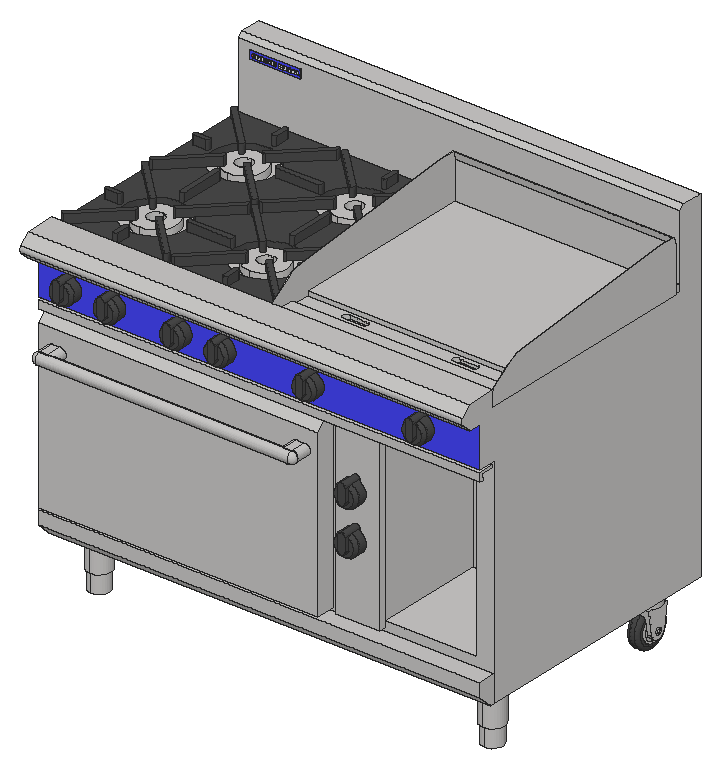
Revit family "QF_MOFFAT_BLUESEAL_CE_GE508B", category Specialty Equipment, Revit 2012
Parameters
  Width = 1200 mm
  Weight in Pounds = 485
  Watts = 6200 W
  Volts = 400 V
  URL Cutsheet = "www.moffat.com"
  URL = "www.moffat.com"
  Type Mark [instance] = ""
  Status [instance] = ""
  Specification by User [instance] = ""
  Specification by Manufacturer = ""
  Show Logo [instance] = yes
  Show Clearance [instance] = yes
  Show Casters [instance] = yes
  Serial Number = ""
  Seismic Rating = ""
  SMACNA No = ""
  Revision Code [instance] = ""
  Phase = 3
  Omniclass Number and Title = ""
  Number of Poles [instance] = 1
  NAFEM Spec ID Number = ""
  Model = "GE508B"
  Min Ckt Ampacity = 0 A
  Mechanical Remarks = ""
  Mechanical Connection Type [instance] = ""
  Max Overcurrent Protection = 0 A
  Masterspec = ""
  Manufacturer = "MOFFAT BLUESEAL"
  Legs [instance] = not(Show Casters)  # no
  Item Number [instance] = ""
  Installed By [instance] = ""
  Identify Quantity as Lot [instance] = yes
  Height = 970 mm
  HP = ""
  Gas Size = 3/4"
  Gas RI Height [instance] = 0 mm
  Gas KW [instance] = 42.2
  Gas Input [instance] = 144068.0 Btu/h
  Gas Connection Height = 0 mm
  Furnished By [instance] = ""
  Foodservice Equipment Identifier [instance] = yes
  FL Amps = 9.4 A
  Electrical Remarks = "9.4A PER PHASE"
  Electric Connection Type = ""
  Elec Conn RI Height = 0 mm
  Elec Conn Connection Height = 0 mm
  Description = "1200MM GAS RANGE WITH ELECTRIC STATIC OVEN"
  Depth = 812 mm
  Cycle = 50 Hz
  Conn Plug = ""
  Conn Conduit = yes
  CSI MasterFormat = ""
  CSI Master Format = ""
  Body Finish = QF_Finishes_Stainless Steel
  Apparent Power = 0 VA
Reference planes
  plane 1 "BACK": y = 0
  plane 2: z = 0
  plane 3 "LEFT": x = 0
  plane 4 "RIGHT": x = 1200
  plane 5 "FRONT": y = -812
  plane 6 "TOP": z = 970
  plane 7 "Center Y": x = 600
  plane 8 "Center X": y = -406
  plane 9: x = 280
  plane 10: y = -574.272
  plane 11: x = 60
  plane 12: y = -304.972
  plane 13: y = -364.972
  plane 14: x = 74
  plane 15: y = -812
  plane 16: x = 1134.5
  plane 17: y = -32
  plane 18: z = 655
  plane 19: x = 65.5
  plane 20: x = 65.8
  plane 21: z = 1085
  plane 22: y = -705
Forms (mm)
  Extrusion 1, solid, material "QF_Finishes_Stainless Steel" <- "Body Finish"
    sketch origin (0, 0, 0) x (0, 1, 0) y (0, 0, 1)
      loop
        line (0, 150) -> (0, 1085) -> (-57.5, 1085) -> (-70, 1072.5) -> (-70, 875) -> (-705, 875) -> (-705, 915) -> (-783.97, 915) -> (-808.49, 890.48)
        arc (-808.49, 890.48) -> (-812.002, 882) -> (-808.49, 873.52) r 11.993
        line (-808.49, 873.52) -> (-784.97, 850) -> (-749, 850) -> (-749, 740) -> (-699, 740) -> (-699, 150) -> (0, 150)
      loop
        line (-749, 222.5) -> (-749, 186) -> (-713.071, 150.071) -> (-703.2, 150.071) -> (-703.2, 222.5) -> (-749, 222.5)
      loop
        line (-749, 710) -> (-740.224, 710) -> (-742.613, 726.999) -> (-707.93, 726.999) -> (-707.93, 734.003) -> (-749, 734.003) -> (-749, 710)
    from 0 to 1200
  Extrusion 2, solid, material "QF_Finishes_Stainless Steel"
    sketch origin (0, 7, 0) x (0, 1, 0) y (0, 0, 1)
      loop
        line (-706, 700) -> (-732, 700) -> (-756, 676) -> (-756, 227.5) -> (-706, 227.5) -> (-706, 700)
    from 0 to 760
  Extrusion 3, solid, material "QF_Finishes_Stainless Steel"
    sketch origin (723.5, 7, 0) x (0, 1, 0) y (0, 0, 1)
      loop
        line (-706, 700) -> (-721, 700) -> (-721, 227.5) -> (-706, 227.5) -> (-706, 700)
    from 56.898 to 176.5
  Revolve 4, solid, material "QF_Finishes_Stainless Steel" <- "Body Finish"
    sketch origin (1134.5, -696.126, 0) x (0, 1, 0) y (0, 0, -1)
      loop
        line (39.376, -150) -> (71.126, -150) -> (71.126, 0) -> (43.626, 0) -> (43.626, -50) -> (39.376, -50) -> (39.376, -150)
      axis (71.126, -150) -> (71.126, 0)
    angle from 0 to 360
  Revolve 5, solid, material "QF_Finishes_Stainless Steel" <- "Body Finish"
    sketch origin (65.5, -696.126, 0) x (0, 1, 0) y (0, 0, 1)
      loop
        line (39.376, 150) -> (39.376, 50) -> (43.626, 50) -> (43.626, 0) -> (71.126, 0) -> (71.126, 150) -> (39.376, 150)
      axis (71.126, 150) -> (71.126, 0)
    angle from 0 to 360
  Extrusion 6, solid, material "QF_Finishes_Stainless Steel"
    sketch origin (-64.5, 0, 325) x (1, 0, 0) y (0, 1, 0)
      loop
        circle (1134.5, -32) r 10
    from 330 to 374.856
  Extrusion 7, void
    sketch origin (0, -703.73, 150) x (0, 0, -1) y (-1, 0, 0)
      loop
        line (-526, -900) -> (-526, -1150) -> (-96, -1150) -> (-96, -900) -> (-526, -900)
    from 0 to 304.8
  Extrusion 8, solid, material "QF_Finishes_Black"
    sketch origin (0, -70, 875) x (0, -1, 0) y (1, 0, 0)
      loop
        arc (1, 4) -> (1.879, 1.879) -> (4, 1) r 3
        line (4, 1) -> (632, 1)
        arc (632, 1) -> (634.121, 1.879) -> (635, 4) r 3
        line (635, 4) -> (635, 597)
        arc (635, 597) -> (634.121, 599.121) -> (632, 600) r 3
        line (632, 600) -> (4, 600)
        arc (4, 600) -> (1.879, 599.121) -> (1, 597) r 3
        line (1, 597) -> (1, 4)
      loop
        circle (167.5, 150) r 85
      loop
        circle (167.5, 450) r 85
      loop
        circle (467.768, 150) r 85
      loop
        circle (467.768, 450) r 85
    from 0 to 19.5
  Extrusion 9, solid, material "QF_Finishes_Black"
    sketch origin (0, -70, 894.5) x (0, -1, 0) y (1, 0, 0)
      loop
        spline (327.102, 15.153) -> (326.181, 13.924) -> (325.631, 12.47) -> (325.49, 10.89) -> (325.767, 9.292) -> (326.443, 7.786) -> (327.473, 6.473) -> (328.786, 5.443) -> (330.292, 4.767) -> (331.89, 4.49) -> (333.47, 4.631) -> (334.924, 5.181) -> (336.153, 6.102)
        line (336.153, 6.102) -> (444.076, 114.025)
        spline (444.076, 114.025) -> (444.837, 115.095) -> (445.238, 116.399) -> (445.251, 117.851) -> (444.875, 119.35) -> (444.137, 120.795) -> (443.086, 122.086) -> (441.795, 123.137) -> (440.35, 123.875) -> (438.851, 124.251) -> (437.399, 124.238) -> (436.095, 123.837) -> (435.025, 123.076)
        line (435.025, 123.076) -> (327.102, 15.153)
      loop
        line (611.398, 15.153) -> (503.475, 123.076)
        spline (503.475, 123.076) -> (502.405, 123.837) -> (501.101, 124.238) -> (499.649, 124.251) -> (498.15, 123.875) -> (496.705, 123.137) -> (495.414, 122.086) -> (494.363, 120.795) -> (493.625, 119.35) -> (493.249, 117.851) -> (493.262, 116.399) -> (493.663, 115.095) -> (494.424, 114.025)
        line (494.424, 114.025) -> (602.347, 6.102)
        spline (602.347, 6.102) -> (603.416, 5.341) -> (604.721, 4.941) -> (606.172, 4.928) -> (607.671, 5.303) -> (609.116, 6.041) -> (610.408, 7.092) -> (611.459, 8.384) -> (612.197, 9.829) -> (612.572, 11.328) -> (612.559, 12.779) -> (612.159, 14.084) -> (611.398, 15.153)
      loop
        spline (379.102, 143.6) -> (380.396, 143.818) -> (381.602, 144.457) -> (382.638, 145.475) -> (383.432, 146.8) -> (383.932, 148.344) -> (384.102, 150) -> (383.932, 151.656) -> (383.432, 153.2) -> (382.638, 154.525) -> (381.602, 155.543) -> (380.396, 156.182) -> (379.102, 156.4)
        line (379.102, 156.4) -> (259.398, 156.4)
        spline (259.398, 156.4) -> (258.104, 156.182) -> (256.898, 155.543) -> (255.862, 154.525) -> (255.068, 153.2) -> (254.568, 151.656) -> (254.398, 150) -> (254.568, 148.344) -> (255.068, 146.8) -> (255.862, 145.475) -> (256.898, 144.457) -> (258.104, 143.818) -> (259.398, 143.6)
        line (259.398, 143.6) -> (379.102, 143.6)
      loop
        spline (23.602, 15.153) -> (22.681, 13.924) -> (22.131, 12.47) -> (21.99, 10.89) -> (22.267, 9.292) -> (22.943, 7.786) -> (23.973, 6.473) -> (25.286, 5.443) -> (26.792, 4.767) -> (28.39, 4.49) -> (29.97, 4.631) -> (31.424, 5.181) -> (32.653, 6.102)
        line (32.653, 6.102) -> (140.576, 114.025)
        spline (140.576, 114.025) -> (141.337, 115.095) -> (141.738, 116.399) -> (141.751, 117.851) -> (141.375, 119.35) -> (140.637, 120.795) -> (139.586, 122.086) -> (138.295, 123.137) -> (136.85, 123.875) -> (135.351, 124.251) -> (133.899, 124.238) -> (132.595, 123.837) -> (131.525, 123.076)
        line (131.525, 123.076) -> (23.602, 15.153)
      loop
        line (311.398, 15.153) -> (203.475, 123.076)
        spline (203.475, 123.076) -> (202.405, 123.837) -> (201.101, 124.238) -> (199.649, 124.251) -> (198.15, 123.875) -> (196.705, 123.137) -> (195.414, 122.086) -> (194.363, 120.795) -> (193.625, 119.35) -> (193.249, 117.851) -> (193.262, 116.399) -> (193.663, 115.095) -> (194.424, 114.025)
        line (194.424, 114.025) -> (302.347, 6.102)
        spline (302.347, 6.102) -> (303.416, 5.341) -> (304.721, 4.941) -> (306.172, 4.928) -> (307.671, 5.303) -> (309.116, 6.041) -> (310.408, 7.092) -> (311.459, 8.384) -> (312.197, 9.829) -> (312.572, 11.328) -> (312.559, 12.779) -> (312.159, 14.084) -> (311.398, 15.153)
      loop
        line (327.102, 284.847) -> (435.025, 176.924)
        spline (435.025, 176.924) -> (436.095, 176.163) -> (437.399, 175.762) -> (438.851, 175.749) -> (440.35, 176.125) -> (441.795, 176.863) -> (443.086, 177.914) -> (444.137, 179.205) -> (444.875, 180.65) -> (445.251, 182.149) -> (445.238, 183.601) -> (444.837, 184.905) -> (444.076, 185.975)
        line (444.076, 185.975) -> (336.153, 293.898)
        spline (336.153, 293.898) -> (334.924, 294.819) -> (333.47, 295.369) -> (331.89, 295.51) -> (330.292, 295.233) -> (328.786, 294.557) -> (327.473, 293.527) -> (326.443, 292.214) -> (325.767, 290.708) -> (325.49, 289.11) -> (325.631, 287.53) -> (326.181, 286.076) -> (327.102, 284.847)
      loop
        spline (611.398, 284.847) -> (612.159, 285.916) -> (612.559, 287.221) -> (612.572, 288.672) -> (612.197, 290.171) -> (611.459, 291.616) -> (610.408, 292.908) -> (609.116, 293.959) -> (607.671, 294.697) -> (606.172, 295.072) -> (604.721, 295.059) -> (603.416, 294.659) -> (602.347, 293.898)
        line (602.347, 293.898) -> (494.424, 185.975)
        spline (494.424, 185.975) -> (493.663, 184.905) -> (493.262, 183.601) -> (493.249, 182.149) -> (493.625, 180.65) -> (494.363, 179.205) -> (495.414, 177.914) -> (496.705, 176.863) -> (498.15, 176.125) -> (499.649, 175.749) -> (501.101, 175.762) -> (502.405, 176.163) -> (503.475, 176.924)
        line (503.475, 176.924) -> (611.398, 284.847)
      loop
        spline (461.1, 241.898) -> (461.318, 240.604) -> (461.957, 239.398) -> (462.975, 238.362) -> (464.3, 237.568) -> (465.844, 237.068) -> (467.5, 236.898) -> (469.156, 237.068) -> (470.7, 237.568) -> (472.025, 238.362) -> (473.043, 239.398) -> (473.682, 240.604) -> (473.9, 241.898)
        line (473.9, 241.898) -> (473.9, 358.102)
        spline (473.9, 358.102) -> (473.682, 359.396) -> (473.043, 360.602) -> (472.025, 361.638) -> (470.7, 362.432) -> (469.156, 362.932) -> (467.5, 363.102) -> (465.844, 362.932) -> (464.3, 362.432) -> (462.975, 361.638) -> (461.957, 360.602) -> (461.318, 359.396) -> (461.1, 358.102)
        line (461.1, 358.102) -> (461.1, 241.898)
      loop
        line (23.602, 284.847) -> (131.525, 176.924)
        spline (131.525, 176.924) -> (132.595, 176.163) -> (133.899, 175.762) -> (135.351, 175.749) -> (136.85, 176.125) -> (138.295, 176.863) -> (139.586, 177.914) -> (140.637, 179.205) -> (141.375, 180.65) -> (141.751, 182.149) -> (141.738, 183.601) -> (141.337, 184.905) -> (140.576, 185.975)
        line (140.576, 185.975) -> (32.653, 293.898)
        spline (32.653, 293.898) -> (31.424, 294.819) -> (29.97, 295.369) -> (28.39, 295.51) -> (26.792, 295.233) -> (25.286, 294.557) -> (23.973, 293.527) -> (22.943, 292.214) -> (22.267, 290.708) -> (21.99, 289.11) -> (22.131, 287.53) -> (22.681, 286.076) -> (23.602, 284.847)
      loop
        spline (311.398, 284.847) -> (312.159, 285.916) -> (312.559, 287.221) -> (312.572, 288.672) -> (312.197, 290.171) -> (311.459, 291.616) -> (310.408, 292.908) -> (309.116, 293.959) -> (307.671, 294.697) -> (306.172, 295.072) -> (304.721, 295.059) -> (303.416, 294.659) -> (302.347, 293.898)
        line (302.347, 293.898) -> (194.424, 185.975)
        spline (194.424, 185.975) -> (193.663, 184.905) -> (193.262, 183.601) -> (193.249, 182.149) -> (193.625, 180.65) -> (194.363, 179.205) -> (195.414, 177.914) -> (196.705, 176.863) -> (198.15, 176.125) -> (199.649, 175.749) -> (201.101, 175.762) -> (202.405, 176.163) -> (203.475, 176.924)
        line (203.475, 176.924) -> (311.398, 284.847)
      loop
        spline (161.1, 241.898) -> (161.318, 240.604) -> (161.957, 239.398) -> (162.975, 238.362) -> (164.3, 237.568) -> (165.844, 237.068) -> (167.5, 236.898) -> (169.156, 237.068) -> (170.7, 237.568) -> (172.025, 238.362) -> (173.043, 239.398) -> (173.682, 240.604) -> (173.9, 241.898)
        line (173.9, 241.898) -> (173.9, 358.102)
        spline (173.9, 358.102) -> (173.682, 359.396) -> (173.043, 360.602) -> (172.025, 361.638) -> (170.7, 362.432) -> (169.156, 362.932) -> (167.5, 363.102) -> (165.844, 362.932) -> (164.3, 362.432) -> (162.975, 361.638) -> (161.957, 360.602) -> (161.318, 359.396) -> (161.1, 358.102)
        line (161.1, 358.102) -> (161.1, 241.898)
      loop
        line (379.102, 456.4) -> (259.398, 456.4)
        spline (259.398, 456.4) -> (258.104, 456.182) -> (256.898, 455.543) -> (255.862, 454.525) -> (255.068, 453.2) -> (254.568, 451.656) -> (254.398, 450) -> (254.568, 448.344) -> (255.068, 446.8) -> (255.862, 445.475) -> (256.898, 444.457) -> (258.104, 443.818) -> (259.398, 443.6)
        line (259.398, 443.6) -> (379.102, 443.6)
        spline (379.102, 443.6) -> (380.396, 443.818) -> (381.602, 444.457) -> (382.638, 445.475) -> (383.432, 446.8) -> (383.932, 448.344) -> (384.102, 450) -> (383.932, 451.656) -> (383.432, 453.2) -> (382.638, 454.525) -> (381.602, 455.543) -> (380.396, 456.182) -> (379.102, 456.4)
      loop
        spline (327.102, 315.153) -> (326.181, 313.924) -> (325.631, 312.47) -> (325.49, 310.89) -> (325.767, 309.292) -> (326.443, 307.786) -> (327.473, 306.473) -> (328.786, 305.443) -> (330.292, 304.767) -> (331.89, 304.49) -> (333.47, 304.631) -> (334.924, 305.181) -> (336.153, 306.102)
        line (336.153, 306.102) -> (444.076, 414.025)
        spline (444.076, 414.025) -> (444.837, 415.095) -> (445.238, 416.399) -> (445.251, 417.851) -> (444.875, 419.35) -> (444.137, 420.795) -> (443.086, 422.086) -> (441.795, 423.137) -> (440.35, 423.875) -> (438.851, 424.251) -> (437.399, 424.238) -> (436.095, 423.837) -> (435.025, 423.076)
        line (435.025, 423.076) -> (327.102, 315.153)
      loop
        line (611.398, 315.153) -> (503.475, 423.076)
        spline (503.475, 423.076) -> (502.405, 423.837) -> (501.101, 424.238) -> (499.649, 424.251) -> (498.15, 423.875) -> (496.705, 423.137) -> (495.414, 422.086) -> (494.363, 420.795) -> (493.625, 419.35) -> (493.249, 417.851) -> (493.262, 416.399) -> (493.663, 415.095) -> (494.424, 414.025)
        line (494.424, 414.025) -> (602.347, 306.102)
        spline (602.347, 306.102) -> (603.416, 305.341) -> (604.721, 304.941) -> (606.172, 304.928) -> (607.671, 305.303) -> (609.116, 306.041) -> (610.408, 307.092) -> (611.459, 308.384) -> (612.197, 309.829) -> (612.572, 311.328) -> (612.559, 312.779) -> (612.159, 314.084) -> (611.398, 315.153)
      loop
        spline (23.602, 315.153) -> (22.681, 313.924) -> (22.131, 312.47) -> (21.99, 310.89) -> (22.267, 309.292) -> (22.943, 307.786) -> (23.973, 306.473) -> (25.286, 305.443) -> (26.792, 304.767) -> (28.39, 304.49) -> (29.97, 304.631) -> (31.424, 305.181) -> (32.653, 306.102)
        line (32.653, 306.102) -> (140.576, 414.025)
        spline (140.576, 414.025) -> (141.337, 415.095) -> (141.738, 416.399) -> (141.751, 417.851) -> (141.375, 419.35) -> (140.637, 420.795) -> (139.586, 422.086) -> (138.295, 423.137) -> (136.85, 423.875) -> (135.351, 424.251) -> (133.899, 424.238) -> (132.595, 423.837) -> (131.525, 423.076)
        line (131.525, 423.076) -> (23.602, 315.153)
      loop
        line (311.398, 315.153) -> (203.475, 423.076)
        spline (203.475, 423.076) -> (202.405, 423.837) -> (201.101, 424.238) -> (199.649, 424.251) -> (198.15, 423.875) -> (196.705, 423.137) -> (195.414, 422.086) -> (194.363, 420.795) -> (193.625, 419.35) -> (193.249, 417.851) -> (193.262, 416.399) -> (193.663, 415.095) -> (194.424, 414.025)
        line (194.424, 414.025) -> (302.347, 306.102)
        spline (302.347, 306.102) -> (303.416, 305.341) -> (304.721, 304.941) -> (306.172, 304.928) -> (307.671, 305.303) -> (309.116, 306.041) -> (310.408, 307.092) -> (311.459, 308.384) -> (312.197, 309.829) -> (312.572, 311.328) -> (312.559, 312.779) -> (312.159, 314.084) -> (311.398, 315.153)
      loop
        line (327.102, 584.847) -> (435.025, 476.924)
        spline (435.025, 476.924) -> (436.095, 476.163) -> (437.399, 475.762) -> (438.851, 475.749) -> (440.35, 476.125) -> (441.795, 476.863) -> (443.086, 477.914) -> (444.137, 479.205) -> (444.875, 480.65) -> (445.251, 482.149) -> (445.238, 483.601) -> (444.837, 484.905) -> (444.076, 485.975)
        line (444.076, 485.975) -> (336.153, 593.898)
        spline (336.153, 593.898) -> (334.924, 594.819) -> (333.47, 595.369) -> (331.89, 595.51) -> (330.292, 595.233) -> (328.786, 594.557) -> (327.473, 593.527) -> (326.443, 592.214) -> (325.767, 590.708) -> (325.49, 589.11) -> (325.631, 587.53) -> (326.181, 586.076) -> (327.102, 584.847)
      loop
        spline (611.398, 584.847) -> (612.159, 585.916) -> (612.559, 587.221) -> (612.572, 588.672) -> (612.197, 590.171) -> (611.459, 591.616) -> (610.408, 592.908) -> (609.116, 593.959) -> (607.671, 594.697) -> (606.172, 595.072) -> (604.721, 595.059) -> (603.416, 594.659) -> (602.347, 593.898)
        line (602.347, 593.898) -> (494.424, 485.975)
        spline (494.424, 485.975) -> (493.663, 484.905) -> (493.262, 483.601) -> (493.249, 482.149) -> (493.625, 480.65) -> (494.363, 479.205) -> (495.414, 477.914) -> (496.705, 476.863) -> (498.15, 476.125) -> (499.649, 475.749) -> (501.101, 475.762) -> (502.405, 476.163) -> (503.475, 476.924)
        line (503.475, 476.924) -> (611.398, 584.847)
      loop
        line (23.602, 584.847) -> (131.525, 476.924)
        spline (131.525, 476.924) -> (132.595, 476.163) -> (133.899, 475.762) -> (135.351, 475.749) -> (136.85, 476.125) -> (138.295, 476.863) -> (139.586, 477.914) -> (140.637, 479.205) -> (141.375, 480.65) -> (141.751, 482.149) -> (141.738, 483.601) -> (141.337, 484.905) -> (140.576, 485.975)
        line (140.576, 485.975) -> (32.653, 593.898)
        spline (32.653, 593.898) -> (31.424, 594.819) -> (29.97, 595.369) -> (28.39, 595.51) -> (26.792, 595.233) -> (25.286, 594.557) -> (23.973, 593.527) -> (22.943, 592.214) -> (22.267, 590.708) -> (21.99, 589.11) -> (22.131, 587.53) -> (22.681, 586.076) -> (23.602, 584.847)
      loop
        spline (311.398, 584.847) -> (312.159, 585.916) -> (312.559, 587.221) -> (312.572, 588.672) -> (312.197, 590.171) -> (311.459, 591.616) -> (310.408, 592.908) -> (309.116, 593.959) -> (307.671, 594.697) -> (306.172, 595.072) -> (304.721, 595.059) -> (303.416, 594.659) -> (302.347, 593.898)
        line (302.347, 593.898) -> (194.424, 485.975)
        spline (194.424, 485.975) -> (193.663, 484.905) -> (193.262, 483.601) -> (193.249, 482.149) -> (193.625, 480.65) -> (194.363, 479.205) -> (195.414, 477.914) -> (196.705, 476.863) -> (198.15, 476.125) -> (199.649, 475.749) -> (201.101, 475.762) -> (202.405, 476.163) -> (203.475, 476.924)
        line (203.475, 476.924) -> (311.398, 584.847)
      loop
        spline (473.9, 592.104) -> (473.682, 593.398) -> (473.043, 594.604) -> (472.025, 595.64) -> (470.7, 596.434) -> (469.156, 596.934) -> (467.5, 597.104) -> (465.844, 596.934) -> (464.3, 596.434) -> (462.975, 595.64) -> (461.957, 594.604) -> (461.318, 593.398) -> (461.1, 592.104)
        line (461.1, 592.104) -> (461.1, 542.13)
        spline (461.1, 542.13) -> (461.318, 540.836) -> (461.957, 539.63) -> (462.975, 538.595) -> (464.3, 537.8) -> (465.844, 537.301) -> (467.5, 537.13) -> (469.156, 537.301) -> (470.7, 537.8) -> (472.025, 538.595) -> (473.043, 539.63) -> (473.682, 540.836) -> (473.9, 542.13)
        line (473.9, 542.13) -> (473.9, 592.104)
      loop
        spline (173.9, 592.104) -> (173.682, 593.398) -> (173.043, 594.604) -> (172.025, 595.64) -> (170.7, 596.434) -> (169.156, 596.934) -> (167.5, 597.104) -> (165.844, 596.934) -> (164.3, 596.434) -> (162.975, 595.64) -> (161.957, 594.604) -> (161.318, 593.398) -> (161.1, 592.104)
        line (161.1, 592.104) -> (161.1, 542.13)
        spline (161.1, 542.13) -> (161.318, 540.836) -> (161.957, 539.63) -> (162.975, 538.595) -> (164.3, 537.8) -> (165.844, 537.301) -> (167.5, 537.13) -> (169.156, 537.301) -> (170.7, 537.8) -> (172.025, 538.595) -> (173.043, 539.63) -> (173.682, 540.836) -> (173.9, 542.13)
        line (173.9, 542.13) -> (173.9, 592.104)
      loop
        spline (65.602, 143.6) -> (66.896, 143.818) -> (68.102, 144.457) -> (69.138, 145.475) -> (69.932, 146.8) -> (70.432, 148.344) -> (70.602, 150) -> (70.432, 151.656) -> (69.932, 153.2) -> (69.138, 154.525) -> (68.102, 155.543) -> (66.896, 156.182) -> (65.602, 156.4)
        line (65.602, 156.4) -> (29.398, 156.4)
        spline (29.398, 156.4) -> (28.104, 156.182) -> (26.898, 155.543) -> (25.862, 154.525) -> (25.068, 153.2) -> (24.568, 151.656) -> (24.398, 150) -> (24.568, 148.344) -> (25.068, 146.8) -> (25.862, 145.475) -> (26.898, 144.457) -> (28.104, 143.818) -> (29.398, 143.6)
        line (29.398, 143.6) -> (65.602, 143.6)
      loop
        spline (65.602, 443.6) -> (66.896, 443.818) -> (68.102, 444.457) -> (69.138, 445.475) -> (69.932, 446.8) -> (70.432, 448.344) -> (70.602, 450) -> (70.432, 451.656) -> (69.932, 453.2) -> (69.138, 454.525) -> (68.102, 455.543) -> (66.896, 456.182) -> (65.602, 456.4)
        line (65.602, 456.4) -> (29.398, 456.4)
        spline (29.398, 456.4) -> (28.104, 456.182) -> (26.898, 455.543) -> (25.862, 454.525) -> (25.068, 453.2) -> (24.568, 451.656) -> (24.398, 450) -> (24.568, 448.344) -> (25.068, 446.8) -> (25.862, 445.475) -> (26.898, 444.457) -> (28.104, 443.818) -> (29.398, 443.6)
        line (29.398, 443.6) -> (65.602, 443.6)
      loop
        spline (605.602, 143.6) -> (606.896, 143.818) -> (608.102, 144.457) -> (609.138, 145.475) -> (609.932, 146.8) -> (610.432, 148.344) -> (610.602, 150) -> (610.432, 151.656) -> (609.932, 153.2) -> (609.138, 154.525) -> (608.102, 155.543) -> (606.896, 156.182) -> (605.602, 156.4)
        line (605.602, 156.4) -> (569.398, 156.4)
        spline (569.398, 156.4) -> (568.104, 156.182) -> (566.898, 155.543) -> (565.862, 154.525) -> (565.068, 153.2) -> (564.568, 151.656) -> (564.398, 150) -> (564.568, 148.344) -> (565.068, 146.8) -> (565.862, 145.475) -> (566.898, 144.457) -> (568.104, 143.818) -> (569.398, 143.6)
        line (569.398, 143.6) -> (605.602, 143.6)
      loop
        spline (605.602, 443.6) -> (606.896, 443.818) -> (608.102, 444.457) -> (609.138, 445.475) -> (609.932, 446.8) -> (610.432, 448.344) -> (610.602, 450) -> (610.432, 451.656) -> (609.932, 453.2) -> (609.138, 454.525) -> (608.102, 455.543) -> (606.896, 456.182) -> (605.602, 456.4)
        line (605.602, 456.4) -> (569.398, 456.4)
        spline (569.398, 456.4) -> (568.104, 456.182) -> (566.898, 455.543) -> (565.862, 454.525) -> (565.068, 453.2) -> (564.568, 451.656) -> (564.398, 450) -> (564.568, 448.344) -> (565.068, 446.8) -> (565.862, 445.475) -> (566.898, 444.457) -> (568.104, 443.818) -> (569.398, 443.6)
        line (569.398, 443.6) -> (605.602, 443.6)
      loop
        line (460.626, 50.584) -> (460.626, 16.591)
        spline (460.626, 16.591) -> (460.844, 15.297) -> (461.483, 14.091) -> (462.501, 13.055) -> (463.826, 12.261) -> (465.37, 11.761) -> (467.026, 11.591) -> (468.682, 11.761) -> (470.226, 12.261) -> (471.551, 13.055) -> (472.569, 14.091) -> (473.208, 15.297) -> (473.426, 16.591)
        line (473.426, 16.591) -> (473.426, 50.584)
        spline (473.426, 50.584) -> (473.208, 51.878) -> (472.569, 53.084) -> (471.551, 54.119) -> (470.226, 54.914) -> (468.682, 55.413) -> (467.026, 55.584) -> (465.37, 55.413) -> (463.826, 54.914) -> (462.501, 54.119) -> (461.483, 53.084) -> (460.844, 51.878) -> (460.626, 50.584)
      loop
        line (160.11, 50.584) -> (160.11, 16.591)
        spline (160.11, 16.591) -> (160.328, 15.297) -> (160.967, 14.091) -> (161.984, 13.055) -> (163.31, 12.261) -> (164.853, 11.761) -> (166.51, 11.591) -> (168.166, 11.761) -> (169.71, 12.261) -> (171.035, 13.055) -> (172.052, 14.091) -> (172.692, 15.297) -> (172.91, 16.591)
        line (172.91, 16.591) -> (172.91, 50.584)
        spline (172.91, 50.584) -> (172.692, 51.878) -> (172.052, 53.084) -> (171.035, 54.119) -> (169.71, 54.914) -> (168.166, 55.413) -> (166.51, 55.584) -> (164.853, 55.413) -> (163.31, 54.914) -> (161.984, 54.119) -> (160.967, 53.084) -> (160.328, 51.878) -> (160.11, 50.584)
    from 0 to 23.5
  Revolve 10, solid, material "QF_Finishes_Black"
    sketch origin (750.113, 45.874, -0.118) x (0, 1, 0) y (0, 0, 1)
      loop
        line (-827.874, 829.5) -> (-838.874, 823.651) -> (-838.874, 797) -> (-794.874, 797) -> (-794.874, 802) -> (-804.874, 802) -> (-804.874, 829.5) -> (-827.874, 829.5)
      axis (-838.874, 797) -> (-794.874, 797)
    angle from 0 to 360
  Revolve 11, solid, material "QF_Finishes_Black"
    sketch origin (90.649, 45.874, -0.118) x (0, 1, 0) y (0, 0, -1)
      loop
        line (-827.874, -829.5) -> (-804.874, -829.5) -> (-804.874, -802) -> (-794.874, -802) -> (-794.874, -797) -> (-838.874, -797) -> (-838.874, -823.651) -> (-827.874, -829.5)
      axis (-838.874, -797) -> (-794.874, -797)
    angle from 0 to 360
  Revolve 12, solid, material "QF_Finishes_Black"
    sketch origin (210.649, 45.874, -0.118) x (0, 1, 0) y (0, 0, -1)
      loop
        line (-827.874, -829.5) -> (-804.874, -829.5) -> (-804.874, -802) -> (-794.874, -802) -> (-794.874, -797) -> (-838.874, -797) -> (-838.874, -823.651) -> (-827.874, -829.5)
      axis (-838.874, -797) -> (-794.874, -797)
    angle from 0 to 360
  Revolve 13, solid, material "QF_Finishes_Black"
    sketch origin (390.625, 45.874, -0.118) x (0, 1, 0) y (0, 0, -1)
      loop
        line (-827.874, -829.5) -> (-804.874, -829.5) -> (-804.874, -802) -> (-794.874, -802) -> (-794.874, -797) -> (-838.874, -797) -> (-838.874, -823.651) -> (-827.874, -829.5)
      axis (-838.874, -797) -> (-794.874, -797)
    angle from 0 to 360
  Revolve 14, solid, material "QF_Finishes_Black"
    sketch origin (510.625, 45.874, -0.118) x (0, 1, 0) y (0, 0, -1)
      loop
        line (-827.874, -829.5) -> (-804.874, -829.5) -> (-804.874, -802) -> (-794.874, -802) -> (-794.874, -797) -> (-838.874, -797) -> (-838.874, -823.651) -> (-827.874, -829.5)
      axis (-838.874, -797) -> (-794.874, -797)
    angle from 0 to 360
  Extrusion 15, solid, material "QF_Finishes_Black"
    sketch origin (238.456, 7, -0.118) x (-1, 0, 0) y (0, 0, -1)
      loop
        arc (158.3, -789) -> (148.3, -779) -> (138.3, -789) r 10
        line (138.3, -789) -> (138.3, -824)
        arc (138.3, -824) -> (148.3, -834) -> (158.3, -824) r 10
        line (158.3, -824) -> (158.3, -789)
    from 759 to 808
  Extrusion 16, solid, material "QF_Finishes_Black"
    sketch origin (358.456, 7, -0.118) x (-1, 0, 0) y (0, 0, -1)
      loop
        arc (158.3, -789) -> (148.3, -779) -> (138.3, -789) r 10
        line (138.3, -789) -> (138.3, -824)
        arc (138.3, -824) -> (148.3, -834) -> (158.3, -824) r 10
        line (158.3, -824) -> (158.3, -789)
    from 759 to 808
  Extrusion 17, solid, material "QF_Finishes_Black"
    sketch origin (538.432, 7, -0.118) x (-1, 0, 0) y (0, 0, -1)
      loop
        arc (158.3, -789) -> (148.3, -779) -> (138.3, -789) r 10
        line (138.3, -789) -> (138.3, -824)
        arc (138.3, -824) -> (148.3, -834) -> (158.3, -824) r 10
        line (158.3, -824) -> (158.3, -789)
    from 759 to 808
  Extrusion 18, solid, material "QF_Finishes_Black"
    sketch origin (658.432, 7, -0.118) x (-1, 0, 0) y (0, 0, -1)
      loop
        arc (158.3, -789) -> (148.3, -779) -> (138.3, -789) r 10
        line (138.3, -789) -> (138.3, -824)
        arc (138.3, -824) -> (148.3, -834) -> (158.3, -824) r 10
        line (158.3, -824) -> (158.3, -789)
    from 759 to 808
  Extrusion 19, solid, material "QF_Finishes_Black"
    sketch origin (897.92, 7, -0.118) x (-1, 0, 0) y (0, 0, -1)
      loop
        arc (158.3, -789) -> (148.3, -779) -> (138.3, -789) r 10
        line (138.3, -789) -> (138.3, -824)
        arc (138.3, -824) -> (148.3, -834) -> (158.3, -824) r 10
        line (158.3, -824) -> (158.3, -789)
    from 759 to 808
  Revolve 20, solid, material "QF_Finishes_Black"
    sketch origin (836.851, 80.874, -246.368) x (0, 1, 0) y (0, 0, 1)
      loop
        line (-827.874, 829.5) -> (-838.874, 823.651) -> (-838.874, 797) -> (-794.874, 797) -> (-794.874, 802) -> (-804.874, 802) -> (-804.874, 829.5) -> (-827.874, 829.5)
      axis (-838.874, 797) -> (-794.874, 797)
    angle from 0 to 360
  Extrusion 21, solid, material "QF_Finishes_Black"
    sketch origin (389.044, 42, -246.368) x (1, 0, 0) y (0, 0, 1)
      loop
        line (458.3, 789) -> (458.3, 824)
        arc (458.3, 824) -> (448.3, 834) -> (438.3, 824) r 10
        line (438.3, 824) -> (438.3, 789)
        arc (438.3, 789) -> (448.3, 779) -> (458.3, 789) r 10
    from 759 to 808
  Extrusion 22, solid, material "QF_Door-Drawer Clearances", visible <- "Show Clearance", detail levels coarse
    sketch origin (760, 7, 0) x (0, 1, 0) y (0, 0, 1)
      loop
        arc (-756, 697.347) -> (-1088.232, 559.732) -> (-1225.847, 227.5) r 469.847
        line (-1225.847, 227.5) -> (-756, 227.5) -> (-756, 697.347)
    from 0 to -760
  Extrusion 23, void
    sketch origin (0, 0, 150) x (-1, 0, 0) y (0, -1, 0)
      loop
        line (-1133.988, 87.26) -> (-1133.988, -30.24) -> (-1004.488, -30.24) -> (-1004.488, 38.76) -> (-1052.988, 87.26) -> (-1133.988, 87.26)
    from 72.5 to 549.856
  Extrusion 24, solid, material "QF_Finishes_Stainless Steel"
    sketch origin (0, -749, 227.5) x (0, 0, 1) y (-1, 0, 0)
      loop
        line (380.625, -38.246) -> (380.625, -58.528)
        arc (380.625, -58.528) -> (395.625, -73.528) -> (410.625, -58.528) r 15
        line (410.625, -58.528) -> (410.625, -38.246)
        arc (410.625, -38.246) -> (395.625, -23.246) -> (380.625, -38.246) r 15
      loop
        arc (380.625, -723.039) -> (395.625, -738.039) -> (410.625, -723.039) r 15
        line (410.625, -723.039) -> (410.625, -702.757)
        arc (410.625, -702.757) -> (395.625, -687.757) -> (380.625, -702.757) r 15
        line (380.625, -702.757) -> (380.625, -723.039)
    from 0 to 44
  Revolve 25, solid, material "QF_Finishes_Stainless Steel"
    sketch origin (0, -793, 0) x (1, 0, 0) y (0, 0, 1)
      loop
        arc (738.039, 623.125) -> (733.646, 633.732) -> (723.039, 638.125) r 15
        line (723.039, 638.125) -> (38.246, 638.125)
        arc (38.246, 638.125) -> (27.64, 633.732) -> (23.246, 623.125) r 15
        line (23.246, 623.125) -> (738.039, 623.125)
      axis (738.039, 623.125) -> (23.246, 623.125)
    angle from 0 to 360
  Extrusion 26, solid, material "QF_Finishes_Stainless Steel"
    sketch origin (0, -70, 875) x (0, -1, 0) y (1, 0, 0)
      loop
        circle (167.5, 450) r 57
      loop
        circle (467.5, 450) r 57
      loop
        circle (467.5, 150) r 57
      loop
        circle (167.5, 150) r 57
      loop
        circle (467.5, 150) r 22
      loop
        circle (467.5, 450) r 22
      loop
        circle (167.5, 450) r 22
      loop
        circle (167.5, 150) r 22
    from 0 to 19.5
  Extrusion 27, solid, material "QF_Finishes_Stainless Steel"
    sketch origin (0, 0, 0) x (1, 0, 0) y (0, 1, 0)
      loop
        circle (826, -501) r 6.35
    from 148.072 to 150
  Extrusion 28, solid, material "QF_Finishes_Stainless Steel", visible <- "Show Casters"
    sketch origin (71.501, 133.353, -8.783) x (0, 1, 0) y (0, 0, 1)
      loop
        line (-201.603, 118.783) -> (-265.103, 118.783) -> (-252.746, 53.895)
        arc (-252.746, 53.895) -> (-233.353, 38.783) -> (-213.959, 53.895) r 20
        line (-213.959, 53.895) -> (-201.603, 118.783)
    from -35.667 to 22.923
  Revolve 29, solid, material "QF_Finishes_Stainless Steel", visible <- "Show Casters"
    sketch origin (65, -203, 0) x (0, 1, 0) y (0, 0, 1)
      loop
        line (67.25, 150) -> (67.25, 110) -> (103, 110) -> (103, 150) -> (67.25, 150)
      axis (103, 150) -> (103, 110)
    angle from 0 to 360
  Revolve 30, solid, material "QF_Finishes_Stainless Steel", visible <- "Show Casters"
    sketch origin (1134.5, -203, 0) x (0, 1, 0) y (0, 0, -1)
      loop
        line (67.25, -150) -> (103, -150) -> (103, -110) -> (67.25, -110) -> (67.25, -150)
      axis (103, -150) -> (103, -110)
    angle from 0 to 360
  Revolve 31, solid, material "QF_Finishes_Stainless Steel", visible <- "Show Casters"
    sketch origin (1085.276, -99.755, -13.653) x (1, 0, 0) y (0, 0, 1)
      loop
        line (14.841, 64.453) -> (83.584, 64.453) -> (83.584, 67.958) -> (82.314, 69.228) -> (80.79, 69.228) -> (80.79, 72.674) -> (68.644, 72.674) -> (68.644, 82.639) -> (65.088, 84.692) -> (63.738, 93.028) -> (65.881, 93.028) -> (65.881, 99.378) -> (65.088, 99.378) -> (65.088, 105.728)
        arc (65.088, 105.728) -> (62.298, 112.463) -> (55.563, 115.253) r 9.525
        line (55.563, 115.253) -> (42.863, 115.253)
        arc (42.863, 115.253) -> (36.127, 112.463) -> (33.338, 105.728) r 9.525
        line (33.338, 105.728) -> (33.338, 99.378) -> (32.544, 99.378) -> (32.544, 93.028) -> (34.687, 93.028) -> (33.352, 84.781) -> (29.782, 82.719) -> (29.782, 72.674) -> (17.635, 72.674) -> (17.635, 69.228) -> (16.111, 69.228) -> (14.841, 67.958) -> (14.841, 64.453)
      axis (14.841, 64.453) -> (83.584, 64.453)
    angle from 0 to 360
  Extrusion 32, solid, material "QF_Finishes_Stainless Steel", visible <- "Show Casters"
    sketch origin (1141.001, 133.353, -8.783) x (0, 1, 0) y (0, 0, 1)
      loop
        line (-201.603, 118.783) -> (-265.103, 118.783) -> (-252.746, 53.895)
        arc (-252.746, 53.895) -> (-233.353, 38.783) -> (-213.959, 53.895) r 20
        line (-213.959, 53.895) -> (-201.603, 118.783)
    from -35.667 to 22.923
  Revolve 33, solid, material "QF_Finishes_Stainless Steel", visible <- "Legs"
    sketch origin (65, -165, 0) x (0, 1, 0) y (0, 0, 1)
      loop
        line (33.25, 150) -> (33.25, 50) -> (37.5, 50) -> (37.5, 0) -> (65, 0) -> (65, 150) -> (33.25, 150)
      axis (65, 150) -> (65, 0)
    angle from 0 to 360
  Revolve 34, solid, material "QF_Finishes_Stainless Steel", visible <- "Legs"
    sketch origin (1134.5, -165, 0) x (0, 1, 0) y (0, 0, -1)
      loop
        line (33.25, -150) -> (65, -150) -> (65, 0) -> (37.5, 0) -> (37.5, -50) -> (33.25, -50) -> (33.25, -150)
      axis (65, -150) -> (65, 0)
    angle from 0 to 360
  Revolve 35, solid, material "QF_Finishes_Stainless Steel", visible <- "Show Casters"
    sketch origin (114.224, -99.755, -13.653) x (-1, 0, 0) y (0, 0, -1)
      loop
        line (14.841, -64.453) -> (14.841, -67.958) -> (16.111, -69.228) -> (17.635, -69.228) -> (17.635, -72.674) -> (29.782, -72.674) -> (29.782, -82.719) -> (33.352, -84.781) -> (34.687, -93.028) -> (32.544, -93.028) -> (32.544, -99.378) -> (33.338, -99.378) -> (33.338, -105.728)
        arc (33.338, -105.728) -> (36.127, -112.463) -> (42.863, -115.253) r 9.525
        line (42.863, -115.253) -> (55.563, -115.253)
        arc (55.563, -115.253) -> (62.298, -112.463) -> (65.088, -105.728) r 9.525
        line (65.088, -105.728) -> (65.088, -99.378) -> (65.881, -99.378) -> (65.881, -93.028) -> (63.738, -93.028) -> (65.088, -84.692) -> (68.644, -82.639) -> (68.644, -72.674) -> (80.79, -72.674) -> (80.79, -69.228) -> (82.314, -69.228) -> (83.584, -67.958) -> (83.584, -64.453) -> (14.841, -64.453)
      axis (14.841, -64.453) -> (83.584, -64.453)
    angle from 0 to 360
  Revolve 36, solid, material "QF_Finishes_Black"
    sketch origin (836.851, 80.874, -366.368) x (0, 1, 0) y (0, 0, 1)
      loop
        line (-827.874, 829.5) -> (-838.874, 823.651) -> (-838.874, 797) -> (-794.874, 797) -> (-794.874, 802) -> (-804.874, 802) -> (-804.874, 829.5) -> (-827.874, 829.5)
      axis (-838.874, 797) -> (-794.874, 797)
    angle from 0 to 360
  Extrusion 37, solid, material "QF_Finishes_Black"
    sketch origin (389.044, 42, -366.368) x (1, 0, 0) y (0, 0, 1)
      loop
        line (458.3, 789) -> (458.3, 824)
        arc (458.3, 824) -> (448.3, 834) -> (438.3, 824) r 10
        line (438.3, 824) -> (438.3, 789)
        arc (438.3, 789) -> (448.3, 779) -> (458.3, 789) r 10
    from 759 to 808
  Revolve 38, solid, material "QF_Finishes_Black"
    sketch origin (1049.887, 45.874, -0.118) x (0, 1, 0) y (0, 0, 1)
      loop
        line (-827.874, 829.5) -> (-838.874, 823.651) -> (-838.874, 797) -> (-794.874, 797) -> (-794.874, 802) -> (-804.874, 802) -> (-804.874, 829.5) -> (-827.874, 829.5)
      axis (-838.874, 797) -> (-794.874, 797)
    angle from 0 to 360
  Extrusion 39, solid, material "QF_Finishes_Black"
    sketch origin (1197.694, 7, -0.118) x (-1, 0, 0) y (0, 0, -1)
      loop
        arc (158.3, -789) -> (148.3, -779) -> (138.3, -789) r 10
        line (138.3, -789) -> (138.3, -824)
        arc (138.3, -824) -> (148.3, -834) -> (158.3, -824) r 10
        line (158.3, -824) -> (158.3, -789)
    from 759 to 808
Cuts and joins
  Extrusion 7, Extrusion 23 cuts Extrusion 1
Lines and regions (mm)
  Split face 1
    outline origin (1200, 0, 1085) x (-1, 0, 0) y (0, -1, 0)
      loop
        arc (935.206, 45.185) -> (926.545, 40.185) -> (926.545, 30.185) r 10
        line (926.545, 30.185) -> (930.587, 23.185)
        arc (930.587, 23.185) -> (934.247, 19.525) -> (939.247, 18.185) r 10
        line (939.247, 18.185) -> (1167.206, 18.185)
        arc (1167.206, 18.185) -> (1175.866, 23.185) -> (1175.866, 33.185) r 10
        line (1175.866, 33.185) -> (1171.824, 40.185)
        arc (1171.824, 40.185) -> (1168.164, 43.845) -> (1163.164, 45.185) r 10
        line (1163.164, 45.185) -> (935.206, 45.185)
  Split face 2
    outline origin (1200, 0, 1085) x (-1, 0, 0) y (0, -1, 0)
      loop
        arc (635.206, 45.185) -> (626.545, 40.185) -> (626.545, 30.185) r 10
        line (626.545, 30.185) -> (630.587, 23.185)
        arc (630.587, 23.185) -> (634.247, 19.525) -> (639.247, 18.185) r 10
        line (639.247, 18.185) -> (867.206, 18.185)
        arc (867.206, 18.185) -> (875.866, 23.185) -> (875.866, 33.185) r 10
        line (875.866, 33.185) -> (871.824, 40.185)
        arc (871.824, 40.185) -> (868.164, 43.845) -> (863.164, 45.185) r 10
        line (863.164, 45.185) -> (635.206, 45.185)
  Split face 3
    outline origin (1200, 0, 1085) x (-1, 0, 0) y (0, -1, 0)
      loop
        arc (335.206, 45.185) -> (326.545, 40.185) -> (326.545, 30.185) r 10
        line (326.545, 30.185) -> (330.587, 23.185)
        arc (330.587, 23.185) -> (334.247, 19.525) -> (339.247, 18.185) r 10
        line (339.247, 18.185) -> (567.206, 18.185)
        arc (567.206, 18.185) -> (575.866, 23.185) -> (575.866, 33.185) r 10
        line (575.866, 33.185) -> (571.824, 40.185)
        arc (571.824, 40.185) -> (568.164, 43.845) -> (563.164, 45.185) r 10
        line (563.164, 45.185) -> (335.206, 45.185)
  Split face 4
    outline origin (1200, 0, 1085) x (-1, 0, 0) y (0, -1, 0)
      loop
        arc (35.206, 45.185) -> (26.545, 40.185) -> (26.545, 30.185) r 10
        line (26.545, 30.185) -> (30.587, 23.185)
        arc (30.587, 23.185) -> (34.247, 19.525) -> (39.247, 18.185) r 10
        line (39.247, 18.185) -> (267.206, 18.185)
        arc (267.206, 18.185) -> (275.866, 23.185) -> (275.866, 33.185) r 10
        line (275.866, 33.185) -> (271.824, 40.185)
        arc (271.824, 40.185) -> (268.164, 43.845) -> (263.164, 45.185) r 10
        line (263.164, 45.185) -> (35.206, 45.185)
  symbolic lines
    curve 1: line (0, 0, 0) -> (0, -812, 0)
    curve 2: line (1200, 0, 0) -> (0, 0, 0)
    curve 3: line (1200, -812, 0) -> (1200, 0, 0)
    curve 4: line (0, -70, 0) -> (1200, -70, 0)
    curve 5: line (1200, -812, 0) -> (0, -812, 0)
    curve 6: line (1200, -708.3, 0) -> (0, -708.3, 0)
    curve 7: line (0, -705, 0) -> (1200, -705, 0)
    curve 8: line (1200, -72.734, 0) -> (0, -72.734, 0)
    curve 9: arc (22.65, -812, 0) -> (34.104, -822.278, 0) -> (48.889, -826.544, 0) r 34.455
    curve 10: line (48.889, -826.544, 0) -> (718.108, -826.544, 0)
    curve 11: arc (718.108, -826.544, 0) -> (732.653, -822.647, 0) -> (743.3, -812, 0) r 29.089
    curve 12: line (6.08, -94.387, 0) -> (121.515, -209.822, 0)
    curve 13: line (293.92, -94.387, 0) -> (178.485, -209.822, 0)
    curve 14: line (6.83, -379.864, 0) -> (121.515, -265.178, 0)
    curve 15: line (292.516, -379.21, 0) -> (178.485, -265.178, 0)
    curve 16: line (362.78, -237.81, 0) -> (237.78, -237.81, 0)
    curve 17: line (362.78, -537.81, 0) -> (237.78, -537.81, 0)
    curve 18: line (6.08, -398.155, 0) -> (121.515, -510.089, 0)
    curve 19: line (293.92, -398.155, 0) -> (178.485, -510.089, 0)
    curve 20: line (9.883, -677.078, 0) -> (121.515, -565.446, 0)
    curve 21: line (291.622, -678.583, 0) -> (178.485, -565.446, 0)
    curve 22: arc (150, -294.5, 0) -> (207, -237.5, 0) -> (150, -180.5, 0) r 57
    curve 23: arc (150, -180.5, 0) -> (93, -237.5, 0) -> (150, -294.5, 0) r 57
    curve 24: arc (150, -594.5, 0) -> (207, -537.5, 0) -> (150, -480.5, 0) r 57
    curve 25: arc (150, -480.5, 0) -> (93, -537.5, 0) -> (150, -594.5, 0) r 57
    curve 26: line (306.08, -94.387, 0) -> (421.515, -209.822, 0)
    curve 27: line (593.92, -94.387, 0) -> (478.485, -209.822, 0)
    curve 28: line (307.269, -379.424, 0) -> (421.515, -265.178, 0)
    curve 29: line (592.673, -379.366, 0) -> (478.485, -265.178, 0)
    curve 30: line (597.78, -237.81, 0) -> (537.78, -237.81, 0)
    curve 31: arc (450, -294.5, 0) -> (507, -237.5, 0) -> (450, -180.5, 0) r 57
    curve 32: arc (450, -180.5, 0) -> (393, -237.5, 0) -> (450, -294.5, 0) r 57
    curve 33: line (306.08, -398.155, 0) -> (421.515, -510.089, 0)
    curve 34: line (593.92, -398.155, 0) -> (478.485, -510.089, 0)
    curve 35: line (308.378, -678.583, 0) -> (421.515, -565.446, 0)
    curve 36: line (593.555, -680.516, 0) -> (478.485, -565.446, 0)
    curve 37: line (149.618, -450.258, 0) -> (149.618, -325.258, 0)
    curve 38: line (449.618, -450.258, 0) -> (449.618, -325.258, 0)
    curve 39: line (597.78, -537.81, 0) -> (537.78, -537.81, 0)
    curve 40: line (149.197, -139.807, 0) -> (149.197, -94.807, 0)
    curve 41: line (149.197, -674.807, 0) -> (149.197, -634.807, 0)
    curve 42: line (449.197, -139.807, 0) -> (449.197, -94.807, 0)
    curve 43: line (449.197, -674.807, 0) -> (449.197, -634.807, 0)
    curve 44: line (49.678, -236.51, 0) -> (14.678, -236.51, 0)
    curve 45: line (49.678, -536.51, 0) -> (14.678, -536.51, 0)
    curve 46: arc (450, -594.5, 0) -> (507, -537.5, 0) -> (450, -480.5, 0) r 57
    curve 47: arc (450, -480.5, 0) -> (393, -537.5, 0) -> (450, -594.5, 0) r 57
    curve 51: arc (150, -322.5, 0) -> (65, -237.5, 0) -> (150, -152.5, 0) r 85
    curve 52: arc (150, -152.5, 0) -> (235, -237.5, 0) -> (150, -322.5, 0) r 85
    curve 53: arc (450, -322.5, 0) -> (365, -237.5, 0) -> (450, -152.5, 0) r 85
    curve 54: arc (450, -152.5, 0) -> (535, -237.5, 0) -> (450, -322.5, 0) r 85
    curve 55: arc (150, -452.768, 0) -> (235, -537.768, 0) -> (150, -622.768, 0) r 85
    curve 56: arc (150, -622.768, 0) -> (65, -537.768, 0) -> (150, -452.768, 0) r 85
    curve 57: arc (450, -622.768, 0) -> (365, -537.768, 0) -> (450, -452.768, 0) r 85
    curve 58: arc (450, -452.768, 0) -> (535, -537.768, 0) -> (450, -622.768, 0) r 85
    curve 59: line (300.232, -72.734, 0) -> (300.232, -705, 0)
    curve 60: line (0, -390.308, 0) -> (600, -390.308, 0)
    curve 61: line (600, -72.734, 0) -> (600, -705, 0)
    curve 62: arc (150, -215.5, 0) -> (172, -237.5, 0) -> (150, -259.5, 0) r 22
    curve 63: arc (150, -259.5, 0) -> (128, -237.5, 0) -> (150, -215.5, 0) r 22
    curve 64: arc (450, -215.5, 0) -> (472, -237.5, 0) -> (450, -259.5, 0) r 22
    curve 65: arc (450, -259.5, 0) -> (428, -237.5, 0) -> (450, -215.5, 0) r 22
    curve 66: arc (150, -515.5, 0) -> (172, -537.5, 0) -> (150, -559.5, 0) r 22
    curve 67: arc (150, -559.5, 0) -> (128, -537.5, 0) -> (150, -515.5, 0) r 22
    curve 68: arc (450, -515.5, 0) -> (472, -537.5, 0) -> (450, -559.5, 0) r 22
    curve 69: arc (450, -559.5, 0) -> (428, -537.5, 0) -> (450, -515.5, 0) r 22
    curve 70: line (1160.753, -18.185, 0) -> (932.794, -18.185, 0)
    curve 71: arc (932.794, -18.185, 0) -> (924.134, -23.185, 0) -> (924.134, -33.185, 0) r 10
    curve 72: line (924.134, -33.185, 0) -> (928.176, -40.185, 0)
    curve 73: arc (928.176, -40.185, 0) -> (931.836, -43.845, 0) -> (936.836, -45.185, 0) r 10
    curve 74: line (936.836, -45.185, 0) -> (1164.794, -45.185, 0)
    curve 75: arc (1164.794, -45.185, 0) -> (1173.455, -40.185, 0) -> (1173.455, -30.185, 0) r 10
    curve 76: line (1173.455, -30.185, 0) -> (1169.413, -23.185, 0)
    curve 77: arc (1169.413, -23.185, 0) -> (1165.753, -19.525, 0) -> (1160.753, -18.185, 0) r 10
    curve 78: line (632.794, -18.185, 0) -> (860.753, -18.185, 0)
    curve 79: arc (860.753, -18.185, 0) -> (865.753, -19.525, 0) -> (869.413, -23.185, 0) r 10
    curve 80: line (869.413, -23.185, 0) -> (873.455, -30.185, 0)
    curve 81: arc (873.455, -30.185, 0) -> (873.455, -40.185, 0) -> (864.794, -45.185, 0) r 10
    curve 82: line (864.794, -45.185, 0) -> (636.836, -45.185, 0)
    curve 83: arc (636.836, -45.185, 0) -> (631.836, -43.845, 0) -> (628.176, -40.185, 0) r 10
    curve 84: line (628.176, -40.185, 0) -> (624.134, -33.185, 0)
    curve 85: arc (624.134, -33.185, 0) -> (624.134, -23.185, 0) -> (632.794, -18.185, 0) r 10
    curve 86: line (332.794, -18.185, 0) -> (560.753, -18.185, 0)
    curve 87: arc (560.753, -18.185, 0) -> (565.753, -19.525, 0) -> (569.413, -23.185, 0) r 10
    curve 88: line (569.413, -23.185, 0) -> (573.455, -30.185, 0)
    curve 89: arc (573.455, -30.185, 0) -> (573.455, -40.185, 0) -> (564.794, -45.185, 0) r 10
    curve 90: line (564.794, -45.185, 0) -> (336.836, -45.185, 0)
    curve 91: arc (336.836, -45.185, 0) -> (331.836, -43.845, 0) -> (328.176, -40.185, 0) r 10
    curve 92: line (328.176, -40.185, 0) -> (324.134, -33.185, 0)
    curve 93: arc (324.134, -33.185, 0) -> (324.134, -23.185, 0) -> (332.794, -18.185, 0) r 10
    curve 94: line (260.753, -18.185, 0) -> (32.794, -18.185, 0)
    curve 95: arc (32.794, -18.185, 0) -> (24.134, -23.185, 0) -> (24.134, -33.185, 0) r 10
    curve 96: line (24.134, -33.185, 0) -> (28.176, -40.185, 0)
    curve 97: arc (28.176, -40.185, 0) -> (31.836, -43.845, 0) -> (36.836, -45.185, 0) r 10
    curve 98: line (36.836, -45.185, 0) -> (264.794, -45.185, 0)
    curve 99: arc (264.794, -45.185, 0) -> (273.455, -40.185, 0) -> (273.455, -30.185, 0) r 10
    curve 100: line (273.455, -30.185, 0) -> (269.413, -23.185, 0)
    curve 101: arc (269.413, -23.185, 0) -> (265.753, -19.525, 0) -> (260.753, -18.185, 0) r 10
    curve 102: line (0, -783.97, 0) -> (1200, -783.97, 0)
    curve 103: line (0, -57.5, 0) -> (1200, -57.5, 0)
  symbolic lines, style "QF_Door-Drawer Clearances", visible <- "Show Clearance"
    curve 48: line (0, -1218.847, 0) -> (760, -1218.847, 0)
    curve 49: line (760, -1218.847, 0) -> (760, -812, 0)
    curve 50: line (0, -1218.847, 0) -> (0, -812, 0)
Dimensions and locks
  equal spacing: plane 3 "LEFT", plane 7 "Center Y", plane 4 "RIGHT"
  "Width": plane 3 "LEFT" to plane 4 "RIGHT"
  equal spacing: plane 5 "FRONT", plane 8 "Center X", plane 1 "BACK"
  plane 5 "FRONT" to plane 1 "BACK" = 812 mm  (x2)
  equal spacing: plane 4 "RIGHT", plane 7 "Center Y", plane 3 "LEFT"
  plane 4 "RIGHT" to plane 3 "LEFT" = 1200 mm
  "Height": plane 6 "TOP" to level
  plane 10 to plane 1 "BACK" = 574.272 mm
  plane 12 to plane 1 "BACK" = 304.972 mm  (x2)
  plane 11 to plane 3 "LEFT" = 60 mm
  plane 14 to plane 3 "LEFT" = 74 mm
  plane 9 to plane 3 "LEFT" = 280 mm
  "Depth": plane 1 "BACK" to plane 15
  plane 5 "FRONT" to plane 15 = 0 mm
  plane 6 "TOP" to plane 2 = 970 mm
  plane 2 to Extrusion 1 sketch curve = 875 mm
  locked: plane 2 to Extrusion 1 sketch curve at 915
  locked: plane 4 "RIGHT" to plane 16 at 65.5
  Extrusion 8 sketch curve to plane 20 = 64.8 mm
  Extrusion 27 sketch curve to plane 4 "RIGHT" = 374 mm
  Extrusion 27 sketch curve to plane 1 "BACK" = 501 mm
  plane 21 to level = 1085 mm
  Revolve 31 sketch curve to Revolve 31 sketch curve = 50.8 mm
  Revolve 35 sketch curve to Revolve 35 sketch curve = 50.8 mm
  aligned and locked: level to plane 2
  aligned and locked: curve 3 to plane 4 "RIGHT"
  aligned and locked: Extrusion 1 to plane 4 "RIGHT"
  aligned and locked: plane 16 to Revolve 4
  aligned and locked: Extrusion 22 to Extrusion 2
Automatic sketch dimensions
  curve 22 to curve 52 = 0 mm
  curve 23 to curve 52 = 0 mm
  curve 23 to curve 62 = 0 mm
  curve 24 to curve 66 = 0 mm
  curve 24 to curve 67 = 0 mm
  curve 31 to curve 54 = 0 mm
  curve 32 to curve 65 = 0 mm
  curve 47 to curve 69 = 0 mm  (x2)
  curve 51 to curve 63 = 0 mm
  curve 53 to curve 64 = 0 mm
  curve 54 to curve 65 = 0 mm
  plane 1 "BACK" to curve 1 = 0 mm
  curve 1 to plane 3 "LEFT" = 0 mm
  plane 5 "FRONT" to curve 9 = 0 mm
  plane 22 to curve 59 = 0 mm
  curve 61 to plane 7 "Center Y" = 0 mm
  plane 3 "LEFT" to curve 18 = 6.08 mm
  plane 3 "LEFT" to curve 12 = 6.08 mm
  plane 3 "LEFT" to curve 14 = 6.83 mm
  plane 3 "LEFT" to curve 20 = 9.883 mm
  plane 3 "LEFT" to curve 45 = 14.678 mm
  plane 3 "LEFT" to curve 44 = 14.678 mm
  plane 3 "LEFT" to curve 9 = 22.65 mm
  curve 96 to plane 17 = 1.185 mm
  plane 3 "LEFT" to curve 96 = 24.134 mm
  curve 95 to curve 97 = 4.041 mm
  curve 95 to curve 94 = 8.66 mm
  curve 97 to curve 97 = 8.66 mm
  curve 10 to plane 11 = 11.111 mm
  curve 44 to plane 11 = 10.322 mm
  curve 45 to plane 11 = 10.322 mm
  curve 9 to plane 11 = 9.192 mm
  plane 14 to curve 18 = 47.515 mm
  plane 10 to curve 20 = 8.826 mm
  plane 14 to curve 20 = 47.515 mm
  plane 14 to curve 14 = 47.515 mm
  plane 14 to curve 12 = 47.515 mm
  plane 14 to curve 40 = 75.197 mm
  curve 41 to plane 22 = 30.193 mm
  plane 14 to curve 41 = 75.197 mm
  curve 37 to plane 12 = 20.285 mm
  curve 14 to curve 37 = 28.103 mm
  curve 40 to curve 22 = 0.803 mm
  curve 18 to curve 24 = 28.485 mm
  curve 37 to curve 56 = 0.382 mm
  plane 10 to curve 21 = 8.826 mm
  curve 66 to curve 21 = 28.485 mm
  curve 66 to curve 19 = 28.485 mm
  plane 12 to curve 15 = 39.794 mm
  curve 62 to curve 15 = 28.485 mm
  curve 62 to curve 13 = 28.485 mm
  curve 16 to plane 9 = 42.22 mm
  curve 17 to plane 9 = 42.22 mm
  curve 94 to plane 9 = 19.247 mm
  curve 99 to plane 9 = 15.206 mm
  curve 101 to curve 101 = 8.66 mm
  plane 17 to curve 99 = 1.815 mm
  curve 99 to plane 9 = 6.545 mm
  plane 9 to curve 21 = 11.622 mm
  plane 9 to curve 15 = 12.516 mm
  plane 9 to curve 13 = 13.92 mm
  plane 9 to curve 19 = 13.92 mm
  plane 9 to curve 59 = 20.232 mm
  curve 13 to curve 26 = 12.16 mm
  plane 8 "Center X" to curve 33 = 7.845 mm
  curve 19 to curve 33 = 12.16 mm
  curve 15 to curve 28 = 14.753 mm
  curve 21 to curve 35 = 16.756 mm
  curve 92 to plane 17 = 1.185 mm
  plane 9 to curve 92 = 44.134 mm
  curve 92 to plane 17 = 8.185 mm
  curve 92 to curve 92 = 4.041 mm
  plane 17 to curve 86 = 13.815 mm
  curve 93 to curve 86 = 8.66 mm
  curve 91 to curve 91 = 8.66 mm
  plane 9 to curve 16 = 82.78 mm
  plane 10 to curve 17 = 36.462 mm
  plane 9 to curve 17 = 82.78 mm
  plane 10 to curve 35 = 8.826 mm
  curve 17 to curve 35 = 58.735 mm
  curve 16 to curve 26 = 58.735 mm
  plane 12 to curve 28 = 39.794 mm
  curve 28 to curve 26 = 0 mm
  plane 10 to curve 33 = 64.183 mm
  curve 33 to curve 35 = 0 mm
  curve 43 to plane 22 = 30.193 mm
  curve 35 to curve 43 = 27.682 mm
  curve 26 to curve 42 = 27.682 mm
  curve 38 to plane 12 = 20.285 mm
  curve 28 to curve 38 = 28.103 mm
  curve 43 to curve 57 = 0.803 mm
  curve 42 to curve 53 = 0.803 mm
  curve 46 to curve 57 = 0 mm
  curve 68 to curve 34 = 28.485 mm
  plane 10 to curve 36 = 8.826 mm
  curve 68 to curve 36 = 28.485 mm
  curve 64 to curve 27 = 28.485 mm
  plane 12 to curve 29 = 39.794 mm
  curve 64 to curve 29 = 28.485 mm
  curve 30 to plane 7 "Center Y" = 62.22 mm
  curve 39 to plane 7 "Center Y" = 62.22 mm
  curve 86 to plane 7 "Center Y" = 39.247 mm
  curve 87 to curve 90 = 4.041 mm
  curve 87 to curve 87 = 8.66 mm
  plane 17 to curve 88 = 1.815 mm
  curve 87 to curve 88 = 4.041 mm
  curve 29 to plane 7 "Center Y" = 7.327 mm
  curve 36 to plane 7 "Center Y" = 6.445 mm
  curve 27 to plane 7 "Center Y" = 6.08 mm
  curve 34 to plane 7 "Center Y" = 6.08 mm
  curve 39 to plane 7 "Center Y" = 2.22 mm
  curve 30 to plane 7 "Center Y" = 2.22 mm
  curve 85 to plane 17 = 1.185 mm
  plane 7 "Center Y" to curve 85 = 24.134 mm
  curve 84 to plane 17 = 8.185 mm
  curve 85 to curve 84 = 4.041 mm
  plane 17 to curve 85 = 3.815 mm
  curve 85 to curve 85 = 8.66 mm
  curve 83 to curve 83 = 8.66 mm
  curve 79 to curve 81 = 4.041 mm  (x2)
  plane 17 to curve 80 = 8.815 mm
  curve 79 to curve 80 = 8.66 mm
  plane 17 to curve 81 = 1.815 mm
  curve 72 to plane 17 = 1.185 mm
  curve 80 to curve 72 = 50.679 mm
  curve 71 to curve 73 = 4.041 mm
  curve 71 to curve 71 = 8.66 mm
  curve 73 to curve 74 = 8.66 mm
  plane 17 to curve 70 = 13.815 mm
  plane 16 to curve 70 = 26.253 mm
  curve 75 to plane 17 = 3.185 mm
  curve 77 to curve 75 = 4.041 mm  (x2)
  curve 77 to curve 77 = 8.66 mm
  plane 17 to curve 75 = 1.815 mm
  plane 5 "FRONT" to curve 9 = 14.544 mm
  curve 50 to curve 9 = 392.303 mm
  curve 102 to plane 5 "FRONT" = 28.03 mm
  plane 22 to curve 6 = 3.3 mm
  curve 36 to plane 22 = 24.484 mm
  curve 35 to plane 22 = 26.417 mm
  curve 21 to curve 35 = 0 mm
  curve 20 to plane 22 = 27.922 mm
  curve 41 to curve 41 = 40 mm
  curve 43 to curve 43 = 40 mm
  curve 43 to curve 58 = 12.039 mm
  curve 41 to curve 56 = 12.039 mm
  curve 46 to plane 10 = 20.228 mm
  curve 25 to plane 10 = 20.228 mm
  plane 10 to curve 68 = 14.772 mm
  plane 10 to curve 66 = 14.772 mm
  plane 10 to curve 39 = 36.462 mm
  curve 66 to curve 55 = 21.732 mm
  curve 68 to curve 58 = 21.732 mm
  curve 57 to curve 46 = 0.268 mm
  curve 55 to curve 66 = 0.268 mm
  plane 10 to curve 45 = 37.763 mm
  curve 67 to curve 18 = 5.411 mm
  curve 68 to curve 34 = 5.411 mm
  curve 66 to curve 19 = 5.411 mm
  curve 56 to curve 37 = 2.51 mm
  curve 57 to curve 38 = 2.51 mm
  plane 8 "Center X" to curve 18 = 7.845 mm
  plane 8 "Center X" to curve 34 = 7.845 mm
  plane 8 "Center X" to curve 19 = 7.845 mm
  curve 18 to curve 60 = 7.846 mm
  curve 60 to curve 14 = 10.445 mm
  curve 28 to plane 13 = 14.452 mm
  curve 60 to curve 29 = 10.943 mm
  curve 15 to plane 13 = 14.238 mm
  curve 38 to curve 54 = 2.758 mm
  curve 37 to curve 51 = 2.758 mm
  plane 12 to curve 32 = 10.472 mm
  plane 12 to curve 22 = 10.472 mm
  plane 12 to curve 14 = 39.794 mm
  curve 29 to curve 65 = 5.678 mm
  curve 14 to curve 63 = 5.678 mm
  curve 15 to curve 16 = 27.368 mm
  curve 29 to curve 30 = 27.368 mm
  curve 64 to curve 53 = 22 mm
  curve 62 to curve 62 = 22 mm
  plane 12 to curve 44 = 68.463 mm
  curve 62 to curve 13 = 5.678 mm
